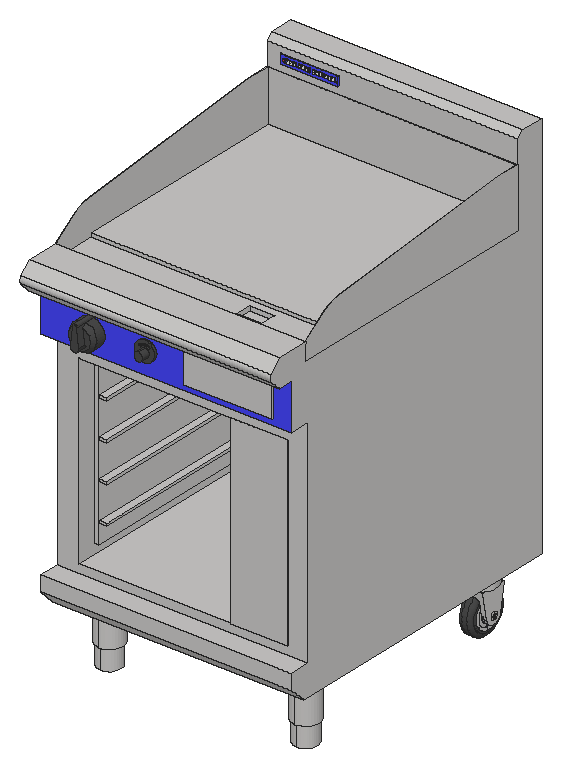
Revit family "QF_MOFFAT_BLUESEAL_CE_GP514-CB", category Specialty Equipment, Revit 2012
Parameters
  Weight in Pounds = 293  # constant formula
  Width [instance] = 600.00 mm
  URL Cutsheet = "www.moffat.com"
  URL = "www.moffat.com"
  Type Mark [instance] = ""
  Status [instance] = ""
  Specification by User [instance] = ""
  Specification by Manufacturer = ""
  Show Logo [instance] = yes
  Show Casters [instance] = yes
  Serial Number = ""
  Seismic Rating = ""
  SMACNA No = ""
  Revision Code [instance] = ""
  Omniclass Number and Title = ""
  NAFEM Spec ID Number = ""
  Model = "GP514-CB"
  Mechanical Remarks = ""
  Mechanical Connection Type = ""
  Masterspec = ""
  Manufacturer = "MOFFAT BLUESEAL"
  Legs [instance] = not(Show Casters)  # no
  Item Number [instance] = ""
  Installed By [instance] = ""
  Identify Quantity as Lot [instance] = yes
  Height = 1085.00 mm  # constant formula
  Gas Size = 3/4"
  Gas RI Height [instance] = 0.00 mm
  Gas KW = 14.5
  Gas Input = 49300.0 Btu/h
  Gas Connection Height = 0.00 mm
  Furnished By [instance] = ""
  Foodservice Equipment Identifier [instance] = yes
  Description = "600MM GAS GRIDDLE PLATE ON CABINET BASE"
  Depth [instance] = 812.00 mm  # constant formula
  CSI MasterFormat = ""
  CSI Master Format = ""
  Back Splash [instance] = 215.00 mm  # constant formula
Reference planes
  plane 1 "BACK": y = 0
  plane 2: z = 0
  plane 3 "LEFT": x = 0
  plane 4 "RIGHT": x = 600
  plane 5 "FRONT": y = -812
  plane 6 "TOP": z = 970
  plane 7 "Center Y": x = 300
  plane 8 "Center X": y = -406
  plane 9 "Base Height": z = 150
  plane 10: z = 915
  plane 11: x = 65
  plane 12: y = -625
  plane 13: y = -100
  plane 14: z = 655
  plane 15: y = -32
  plane 16: z = 1085
  plane 17: x = 535
Forms (mm)
  Extrusion 1, solid, material "QF_Finishes_Stainless Steel"
    sketch origin (0, 0, 0) x (0, 1, 0) y (0, 0, 1)
      loop
        line (-100, 150) -> (0, 150) -> (0, 1085) -> (-57.5, 1085) -> (-70, 1072.5) -> (-70, 875) -> (-705, 875) -> (-705, 915) -> (-783.97, 915) -> (-808.485, 890.485)
        arc (-808.485, 890.485) -> (-811.999, 882) -> (-808.485, 873.515) r 12
        line (-808.485, 873.515) -> (-784.97, 850) -> (-749, 850) -> (-749, 740) -> (-100, 740) -> (-100, 150)
      loop
        line (-749, 186) -> (-713, 150) -> (-699, 150) -> (-699, 222.5) -> (-749, 222.5) -> (-749, 186)
    from 0 to 600
  Revolve 2, solid, material "QF_Finishes_Stainless Steel", visible <- "Legs"
    sketch origin (533.871, -210, 0) x (0, 1, 0) y (0, 0, -1)
      loop
        line (78.25, -150) -> (110, -150) -> (110, 0) -> (82.5, 0) -> (82.5, -50) -> (78.25, -50) -> (78.25, -150)
      axis (110, -150) -> (110, 0)
    angle from 0 to 360
  Revolve 3, solid, material "QF_Finishes_Stainless Steel"
    sketch origin (535, -735, 0) x (0, 1, 0) y (0, 0, -1)
      loop
        line (78.25, -150) -> (110, -150) -> (110, 0) -> (82.5, 0) -> (82.5, -50) -> (78.25, -50) -> (78.25, -150)
      axis (110, -150) -> (110, 0)
    angle from 0 to 360
  Revolve 4, solid, material "QF_Finishes_Stainless Steel", visible <- "Legs"
    sketch origin (65, -210, 0) x (0, 1, 0) y (0, 0, -1)
      loop
        line (78.25, -150) -> (110, -150) -> (110, 0) -> (82.5, 0) -> (82.5, -50) -> (78.25, -50) -> (78.25, -150)
      axis (110, -150) -> (110, 0)
    angle from 0 to 360
  Revolve 5, solid, material "QF_Finishes_Stainless Steel"
    sketch origin (65, -735, 0) x (0, 1, 0) y (0, 0, -1)
      loop
        line (78.25, -150) -> (110, -150) -> (110, 0) -> (82.5, 0) -> (82.5, -50) -> (78.25, -50) -> (78.25, -150)
      axis (110, -150) -> (110, 0)
    angle from 0 to 360
  Revolve 6, solid, material "QF_Finishes_Black"
    sketch origin (127.677, 7, 597.816) x (0, 1, 0) y (0, 0, -1)
      loop
        line (-789, -229.5) -> (-766, -229.5) -> (-766, -202) -> (-756, -202) -> (-756, -197) -> (-800, -197) -> (-800, -223.651) -> (-789, -229.5)
      axis (-800, -197) -> (-756, -197)
    angle from 0 to 360
  Extrusion 7, solid, material "QF_Finishes_Black"
    sketch origin (265.947, 0, 597.973) x (-1, 0, 0) y (0, 0, -1)
      loop
        line (143.2, -228.94) -> (148.689, -184.854)
        arc (148.689, -184.854) -> (137.617, -174.355) -> (127.782, -186.021) r 10.487
        line (127.782, -186.021) -> (133.203, -228.94)
        arc (133.203, -228.94) -> (138.201, -233.827) -> (143.2, -228.94) r 5
    from 759 to 808
  Extrusion 8, solid, material "QF_Finishes_Stainless Steel"
    sketch origin (-150, -699, 685) x (1, 0, 0) y (0, -1, 0)
      loop
        circle (620, -668) r 9.525
    from -55 to 30
  Extrusion 9, solid, material "QF_Finishes_Stainless Steel"
    sketch origin (0, -100, 685) x (0, 0, 1) y (-1, 0, 0)
      loop
        line (-535, 0) -> (-535, -600) -> (55, -600) -> (55, 0) -> (-535, 0)
      loop
        line (0, -50) -> (-442.5, -50) -> (-442.5, -550) -> (0, -550) -> (0, -50)
    from 0 to 599
  Extrusion 10, solid, material "QF_Finishes_Stainless Steel"
    sketch origin (0, -100, 685) x (0, 0, 1) y (-1, 0, 0)
      loop
        line (-280.675, -61.8) -> (-280.675, -80.8) -> (-274.325, -80.8) -> (-274.325, -61.8) -> (-280.675, -61.8)
      loop
        line (-184.325, -80.8) -> (-184.325, -61.8) -> (-190.675, -61.8) -> (-190.675, -80.8) -> (-184.325, -80.8)
      loop
        line (-370.675, -61.8) -> (-370.675, -80.8) -> (-364.325, -80.8) -> (-364.325, -61.8) -> (-370.675, -61.8)
      loop
        line (-94.325, -80.8) -> (-94.325, -61.8) -> (-100.675, -61.8) -> (-100.675, -80.8) -> (-94.325, -80.8)
      loop
        line (-280.675, -403.2) -> (-274.325, -403.2) -> (-274.325, -384.2) -> (-280.675, -384.2) -> (-280.675, -403.2)
      loop
        line (-184.325, -384.2) -> (-190.675, -384.2) -> (-190.675, -403.2) -> (-184.325, -403.2) -> (-184.325, -384.2)
      loop
        line (-370.675, -403.2) -> (-364.325, -403.2) -> (-364.325, -384.2) -> (-370.675, -384.2) -> (-370.675, -403.2)
      loop
        line (-94.325, -384.2) -> (-100.675, -384.2) -> (-100.675, -403.2) -> (-94.325, -403.2) -> (-94.325, -384.2)
    from 0 to 554
  Extrusion 11, void
    sketch origin (-150, 0, 150) x (-1, 0, 0) y (0, -1, 0)
      loop
        line (-685.614, 87.26) -> (-685.614, -30.24) -> (-481.114, -30.24) -> (-481.114, 38.76) -> (-529.614, 87.26) -> (-685.614, 87.26)
    from 72.5 to 590
  Revolve 12, solid, material "QF_Finishes_Stainless Steel", visible <- "Legs"
    sketch origin (65, -165, 0) x (0, 1, 0) y (0, 0, 1)
      loop
        line (34.25, 150) -> (34.25, 50) -> (38.5, 50) -> (38.5, 0) -> (66, 0) -> (66, 150) -> (34.25, 150)
      axis (66, 150) -> (66, 0)
    angle from 0 to 360
  Revolve 13, solid, material "QF_Finishes_Stainless Steel", visible <- "Legs"
    sketch origin (534.871, -165, 0) x (0, 1, 0) y (0, 0, -1)
      loop
        line (34.25, -150) -> (66, -150) -> (66, 0) -> (38.5, 0) -> (38.5, -50) -> (34.25, -50) -> (34.25, -150)
      axis (66, -150) -> (66, 0)
    angle from 0 to 360
  Revolve 14, solid, material "QF_Finishes_Stainless Steel", visible <- "Show Casters"
    sketch origin (15.776, -99.755, -13.653) x (1, 0, 0) y (0, 0, 1)
      loop
        line (14.841, 63.604) -> (83.584, 63.604) -> (83.584, 67.109) -> (82.314, 68.379) -> (80.79, 68.379) -> (80.79, 71.826) -> (68.644, 71.826) -> (68.644, 81.79) -> (65.088, 83.843) -> (63.738, 92.179) -> (65.881, 92.179) -> (65.881, 98.529) -> (65.088, 98.529) -> (65.088, 104.879)
        arc (65.088, 104.879) -> (62.298, 111.614) -> (55.563, 114.404) r 9.525
        line (55.563, 114.404) -> (42.863, 114.404)
        arc (42.863, 114.404) -> (36.127, 111.614) -> (33.338, 104.879) r 9.525
        line (33.338, 104.879) -> (33.338, 98.529) -> (32.544, 98.529) -> (32.544, 92.179) -> (34.687, 92.179) -> (33.352, 83.932) -> (29.782, 81.871) -> (29.782, 71.826) -> (17.635, 71.826) -> (17.635, 68.379) -> (16.111, 68.379) -> (14.841, 67.109) -> (14.841, 63.604)
      axis (14.841, 63.604) -> (83.584, 63.604)
    angle from 0 to 360
  Extrusion 15, solid, material "QF_Finishes_Stainless Steel", visible <- "Show Casters"
    sketch origin (71.501, 133.353, -8.783) x (0, 1, 0) y (0, 0, 1)
      loop
        line (-200.603, 118.783) -> (-264.103, 118.783) -> (-251.746, 53.895)
        arc (-251.746, 53.895) -> (-232.353, 38.783) -> (-212.959, 53.895) r 20
        line (-212.959, 53.895) -> (-200.603, 118.783)
    from -35.667 to 22.923
  Revolve 16, solid, material "QF_Finishes_Stainless Steel", visible <- "Show Casters"
    sketch origin (65, -203, 0) x (0, 1, 0) y (0, 0, 1)
      loop
        line (68.25, 150) -> (68.25, 110) -> (104, 110) -> (104, 150) -> (68.25, 150)
      axis (104, 150) -> (104, 110)
    angle from 0 to 360
  Revolve 17, solid, material "QF_Finishes_Stainless Steel", visible <- "Legs"
    sketch origin (65, -165, 0) x (0, 1, 0) y (0, 0, 1)
      loop
        line (34.25, 150) -> (34.25, 50) -> (38.5, 50) -> (38.5, 0) -> (66, 0) -> (66, 150) -> (34.25, 150)
      axis (66, 150) -> (66, 0)
    angle from 0 to 360
  Revolve 18, solid, material "QF_Finishes_Stainless Steel", visible <- "Show Casters"
    sketch origin (335.648, -99.755, -13.653) x (1, 0, 0) y (0, 0, 1)
      loop
        line (164.841, 63.604) -> (233.584, 63.604) -> (233.584, 67.109) -> (232.314, 68.379) -> (230.79, 68.379) -> (230.79, 71.826) -> (218.644, 71.826) -> (218.644, 81.79) -> (215.088, 83.843) -> (213.738, 92.179) -> (215.881, 92.179) -> (215.881, 98.529) -> (215.088, 98.529) -> (215.088, 104.879)
        arc (215.088, 104.879) -> (212.298, 111.614) -> (205.563, 114.404) r 9.525
        line (205.563, 114.404) -> (192.863, 114.404)
        arc (192.863, 114.404) -> (186.127, 111.614) -> (183.338, 104.879) r 9.525
        line (183.338, 104.879) -> (183.338, 98.529) -> (182.544, 98.529) -> (182.544, 92.179) -> (184.687, 92.179) -> (183.352, 83.932) -> (179.782, 81.871) -> (179.782, 71.826) -> (167.635, 71.826) -> (167.635, 68.379) -> (166.111, 68.379) -> (164.841, 67.109) -> (164.841, 63.604)
      axis (233.584, 63.604) -> (164.841, 63.604)
    angle from 0 to 360
  Extrusion 19, solid, material "QF_Finishes_Stainless Steel", visible <- "Show Casters"
    sketch origin (541.372, 133.353, -8.783) x (0, 1, 0) y (0, 0, 1)
      loop
        line (-200.603, 118.783) -> (-264.103, 118.783) -> (-251.746, 53.895)
        arc (-251.746, 53.895) -> (-232.353, 38.783) -> (-212.959, 53.895) r 20
        line (-212.959, 53.895) -> (-200.603, 118.783)
    from -35.667 to 22.923
  Revolve 20, solid, material "QF_Finishes_Stainless Steel", visible <- "Show Casters"
    sketch origin (534.871, -203, 0) x (0, 1, 0) y (0, 0, 1)
      loop
        line (68.25, 150) -> (68.25, 110) -> (104, 110) -> (104, 150) -> (68.25, 150)
      axis (104, 150) -> (104, 110)
    angle from 0 to 360
  Extrusion 21, solid, material "QF_Finishes_Stainless Steel"
    sketch origin (0, 0, 0) x (1, 0, 0) y (0, 0, 1)
      loop
        line (61.8, 657.5) -> (50, 657.5) -> (50, 267.5) -> (61.8, 267.5) -> (61.8, 657.5)
      loop
        line (403.2, 657.5) -> (403.2, 267.5) -> (415, 267.5) -> (415, 657.5) -> (403.2, 657.5)
    from 0 to 654
  Extrusion 22, solid, material "QF_Finishes_Black"
    sketch origin (-57.5, -749, 864.021) x (0, 0, -1) y (1, 0, 0)
      loop
        circle (70, 310) r 24
      loop
        arc (60.1, 324.913) -> (52.064, 310.125) -> (59.882, 295.219) r 17.868
        arc (59.882, 295.219) -> (60.362, 294.934) -> (60.877, 295.149) r 0.621
        arc (60.877, 295.149) -> (62.314, 297.708) -> (62.658, 300.622) r 7.495
        arc (62.658, 300.622) -> (62.454, 301.55) -> (62.006, 302.388) r 3.472
        arc (62.006, 302.388) -> (59.714, 309.851) -> (61.844, 317.362) r 13.786
        arc (61.844, 317.362) -> (62.484, 318.632) -> (62.749, 320.028) r 5.101
        arc (62.749, 320.028) -> (62.378, 322.547) -> (61.084, 324.739) r 6.611
        arc (61.084, 324.739) -> (60.622, 324.997) -> (60.1, 324.913) r 0.806
    from 0 to 5
  Extrusion 23, solid, material "QF_Finishes_Black"
    sketch origin (-57.5, -754, 864.021) x (0, 0, -1) y (1, 0, 0)
      loop
        circle (73.5, 310) r 10
    from 0 to 18.251
  Extrusion 24, solid, material "QF_Finishes_Stainless Steel"
    sketch origin (450, -749, 867.771) x (0, 0, -1) y (1, 0, 0)
      loop
        line (26.5, -105) -> (113.5, -105) -> (113.5, 105) -> (26.5, 105) -> (26.5, -105)
    from 0 to 2.5
  Extrusion 25, solid, material "QF_Finishes_Stainless Steel"
    sketch origin (450, 0, 1.771) x (0, -1, 0) y (0, 0, 1)
      loop
        line (751.5, 839.5) -> (751.5, 837) -> (769.695, 837) -> (769.695, 839.5) -> (751.5, 839.5)
    from -105 to 105
  Extrusion 26, solid, material "QF_Finishes_Stainless Steel"
    sketch origin (0, -749, 850) x (0, 0, -1) y (1, 0, 0)
      loop
        line (607.5, 550) -> (165, 550) -> (165, 414.5) -> (607.5, 414.5) -> (607.5, 550)
    from -50 to -649
Cuts and joins
  Extrusion 11 cuts Extrusion 1
  joined: Extrusion 1, Extrusion 9
Lines and regions (mm)
  Split face 1
    outline origin (600, 0, 1085) x (-1, 0, 0) y (0, -1, 0)
      loop
        arc (335.206, 45.385) -> (326.545, 40.385) -> (326.545, 30.385) r 10
        line (326.545, 30.385) -> (330.587, 23.385)
        arc (330.587, 23.385) -> (334.247, 19.725) -> (339.247, 18.385) r 10
        line (339.247, 18.385) -> (567.206, 18.385)
        arc (567.206, 18.385) -> (575.866, 23.385) -> (575.866, 33.385) r 10
        line (575.866, 33.385) -> (571.824, 40.385)
        arc (571.824, 40.385) -> (568.164, 44.045) -> (563.164, 45.385) r 10
        line (563.164, 45.385) -> (335.206, 45.385)
  Split face 2
    outline origin (600, 0, 1085) x (-1, 0, 0) y (0, -1, 0)
      loop
        arc (35.206, 45.385) -> (26.545, 40.385) -> (26.545, 30.385) r 10
        line (26.545, 30.385) -> (30.587, 23.385)
        arc (30.587, 23.385) -> (34.247, 19.725) -> (39.247, 18.385) r 10
        line (39.247, 18.385) -> (267.206, 18.385)
        arc (267.206, 18.385) -> (275.866, 23.385) -> (275.866, 33.385) r 10
        line (275.866, 33.385) -> (271.824, 40.385)
        arc (271.824, 40.385) -> (268.164, 44.045) -> (263.164, 45.385) r 10
        line (263.164, 45.385) -> (35.206, 45.385)
  symbolic lines
    curve 1: line (0, 0, 0) -> (0, -812, 0)
    curve 2: line (600, 0, 0) -> (0, 0, 0)
    curve 3: line (600, -812, 0) -> (600, 0, 0)
    curve 4: line (0, -812, 0) -> (600, -812, 0)
    curve 9: line (0, -57.5, 150) -> (600, -57.5, 150)
    curve 10: line (0, -70, 150) -> (600, -70, 150)
    curve 11: line (0, -783.97, 150) -> (600, -783.97, 150)
    curve 12: line (260.753, -18.385, 150) -> (32.794, -18.385, 150)
    curve 13: arc (32.794, -18.385, 150) -> (24.134, -23.385, 150) -> (24.134, -33.385, 150) r 10
    curve 14: line (24.134, -33.385, 150) -> (28.176, -40.385, 150)
    curve 15: arc (28.176, -40.385, 150) -> (31.836, -44.045, 150) -> (36.836, -45.385, 150) r 10
    curve 16: line (36.836, -45.385, 150) -> (264.794, -45.385, 150)
    curve 17: arc (264.794, -45.385, 150) -> (273.455, -40.385, 150) -> (273.455, -30.385, 150) r 10
    curve 18: line (273.455, -30.385, 150) -> (269.413, -23.385, 150)
    curve 19: arc (269.413, -23.385, 150) -> (265.753, -19.725, 150) -> (260.753, -18.385, 150) r 10
    curve 20: line (560.753, -18.385, 150) -> (332.794, -18.385, 150)
    curve 21: arc (332.794, -18.385, 150) -> (324.134, -23.385, 150) -> (324.134, -33.385, 150) r 10
    curve 22: line (324.134, -33.385, 150) -> (328.176, -40.385, 150)
    curve 23: arc (328.176, -40.385, 150) -> (331.836, -44.045, 150) -> (336.836, -45.385, 150) r 10
    curve 24: line (336.836, -45.385, 150) -> (564.794, -45.385, 150)
    curve 25: arc (564.794, -45.385, 150) -> (573.455, -40.385, 150) -> (573.455, -30.385, 150) r 10
    curve 26: line (573.455, -30.385, 150) -> (569.413, -23.385, 150)
    curve 27: arc (569.413, -23.385, 150) -> (565.753, -19.725, 150) -> (560.753, -18.385, 150) r 10
  symbolic lines, style "SpecialityEquipmentHiddenLines", visible <- "Show Casters"
    curve 5: line (78.456, -46.735, 0) -> (105.952, -62.61, 0)
    curve 6: line (27.656, -134.723, 0) -> (78.456, -46.735, 0)
    curve 7: line (55.152, -150.598, 0) -> (27.656, -134.723, 0)
    curve 8: line (105.952, -62.61, 0) -> (55.152, -150.598, 0)
Dimensions and locks
  equal spacing: plane 3 "LEFT", plane 7 "Center Y", plane 4 "RIGHT"
  "Width": plane 3 "LEFT" to plane 4 "RIGHT"
  equal spacing: plane 5 "FRONT", plane 8 "Center X", plane 1 "BACK"
  "Depth": plane 5 "FRONT" to plane 1 "BACK"
  locked: plane 10 to level at 915
  locked: plane 9 "Base Height" to level at 150
  plane 6 "TOP" to plane 10 = 55.00 mm
  plane 12 to plane 13 = 525.00 mm
  plane 14 to level = 655.00 mm
  plane 15 to plane 1 "BACK" = 32.00 mm
  "Height": plane 16 to plane 2
  Revolve 14 sketch curve to Revolve 14 sketch curve = 50.80 mm
  Revolve 18 sketch curve to Revolve 18 sketch curve = 50.80 mm
  Extrusion 8 sketch curve to plane 1 "BACK" = 31.00 mm
  aligned and locked: level to plane 2
Automatic sketch dimensions
  Extrusion 1 sketch curve to plane 10 = 0.00 mm
  Extrusion 1 sketch curve to plane 9 "Base Height" = 0.00 mm  (x2)
  Extrusion 1 sketch curve to plane 13 = 0.00 mm
  Extrusion 1 sketch curve to plane 16 = 0.00 mm
  Extrusion 1 sketch curve to plane 1 "BACK" = 0.00 mm
  Extrusion 1 sketch curve to plane 12 = 74.00 mm
  Extrusion 1 sketch curve to plane 10 = 40.00 mm
  Extrusion 1 sketch curve to plane 12 = 80.00 mm
  Extrusion 1 sketch curve to Extrusion 1 sketch curve = 14.00 mm
  Extrusion 1 sketch curve to Extrusion 1 sketch curve = 36.00 mm
  Extrusion 1 sketch curve to plane 5 "FRONT" = 63.00 mm
  Extrusion 1 sketch curve to plane 5 "FRONT" = 28.03 mm
  Extrusion 1 sketch curve to plane 5 "FRONT" = 27.03 mm
  Extrusion 1 sketch curve to plane 5 "FRONT" = 12.001 mm
  Extrusion 1 sketch curve to plane 5 "FRONT" = 3.515 mm  (x2)
  plane 13 to Extrusion 1 sketch curve = 30.00 mm
  Extrusion 1 sketch curve to Extrusion 1 sketch curve = 12.50 mm
  plane 9 "Base Height" to Extrusion 1 sketch curve = 36.00 mm
  Extrusion 1 sketch curve to Extrusion 1 sketch curve = 36.50 mm
  plane 14 to Extrusion 1 sketch curve = 85.00 mm
  Extrusion 1 sketch curve to Extrusion 1 sketch curve = 25.00 mm
  Extrusion 1 sketch curve to Extrusion 1 sketch curve = 23.515 mm
  Extrusion 1 sketch curve to Extrusion 1 sketch curve = 8.485 mm
  Extrusion 1 sketch curve to plane 16 = 12.50 mm
  Revolve 2 sketch curve to plane 9 "Base Height" = 0.00 mm
  Revolve 2 sketch curve to level = 0.00 mm
  Revolve 2 sketch curve to plane 13 = 0.00 mm  (x2)
  Revolve 2 sketch curve to plane 13 = 27.50 mm
  Revolve 2 sketch curve to plane 13 = 31.75 mm
  level to Revolve 2 sketch curve = 50.00 mm
  Revolve 2 sketch curve to Revolve 2 sketch curve = 0.00 mm
  Revolve 2 sketch curve to Revolve 2 sketch curve = 55.00 mm
  Revolve 3 sketch curve to plane 9 "Base Height" = 0.00 mm
  Revolve 3 sketch curve to level = 0.00 mm
  Revolve 3 sketch curve to plane 12 = 0.00 mm  (x2)
  Revolve 3 sketch curve to plane 12 = 27.50 mm
  Revolve 3 sketch curve to plane 12 = 31.75 mm
  level to Revolve 3 sketch curve = 50.00 mm
  Revolve 3 sketch curve to Revolve 3 sketch curve = 0.00 mm
  Revolve 3 sketch curve to Revolve 3 sketch curve = 55.00 mm
  Revolve 4 sketch curve to plane 9 "Base Height" = 0.00 mm
  Revolve 4 sketch curve to level = 0.00 mm
  Revolve 4 sketch curve to plane 13 = 0.00 mm  (x2)
  Revolve 4 sketch curve to plane 13 = 27.50 mm
  Revolve 4 sketch curve to plane 13 = 31.75 mm
  level to Revolve 4 sketch curve = 50.00 mm
  Revolve 4 sketch curve to Revolve 4 sketch curve = 0.00 mm
  Revolve 4 sketch curve to Revolve 4 sketch curve = 55.00 mm
  Revolve 5 sketch curve to plane 9 "Base Height" = 0.00 mm
  Revolve 5 sketch curve to level = 0.00 mm
  Revolve 5 sketch curve to plane 12 = 0.00 mm  (x2)
  Revolve 5 sketch curve to plane 12 = 27.50 mm
  Revolve 5 sketch curve to plane 12 = 31.75 mm
  level to Revolve 5 sketch curve = 50.00 mm
  Revolve 5 sketch curve to Revolve 5 sketch curve = 0.00 mm
  Revolve 5 sketch curve to Revolve 5 sketch curve = 55.00 mm
  Revolve 6 sketch curve to plane 5 "FRONT" = 19.00 mm
  Revolve 6 sketch curve to Revolve 6 sketch curve = 0.00 mm  (x2)
  Revolve 6 sketch curve to Revolve 6 sketch curve = 11.00 mm
  Revolve 6 sketch curve to Revolve 6 sketch curve = 12.70 mm
  Revolve 6 sketch curve to Revolve 6 sketch curve = 23.00 mm
  Revolve 6 sketch curve to Revolve 6 sketch curve = 10.00 mm
  Revolve 6 sketch curve to plane 10 = 87.684 mm
  Revolve 6 sketch curve to Revolve 6 sketch curve = 5.849 mm
  Revolve 6 sketch curve to Revolve 6 sketch curve = 27.50 mm
  Revolve 6 sketch curve to Revolve 6 sketch curve = 5.00 mm
  plane 11 to Extrusion 7 sketch curve = 73.165 mm
  Extrusion 7 sketch curve to Extrusion 7 sketch curve = 5.421 mm
  Extrusion 7 sketch curve to Extrusion 7 sketch curve = 4.999 mm  (x2)
  Extrusion 7 sketch curve to Extrusion 7 sketch curve = 10.419 mm
  Extrusion 7 sketch curve to Extrusion 7 sketch curve = 10.487 mm
  Extrusion 7 sketch curve to plane 10 = 88.087 mm
  Extrusion 7 sketch curve to Extrusion 7 sketch curve = 0.113 mm
  Extrusion 7 sketch curve to Extrusion 7 sketch curve = 42.919 mm
  Extrusion 7 sketch curve to Extrusion 7 sketch curve = 1.167 mm
  Extrusion 11 sketch curve to plane 15 = 6.76 mm
  Extrusion 11 sketch curve to plane 1 "BACK" = 30.24 mm
  plane 13 to Extrusion 11 sketch curve = 12.74 mm
  Revolve 12 sketch curve to plane 9 "Base Height" = 0.00 mm
  Revolve 12 sketch curve to level = 0.00 mm
  Revolve 12 sketch curve to plane 13 = 30.75 mm
  Revolve 12 sketch curve to plane 13 = 26.50 mm
  plane 13 to Revolve 12 sketch curve = 1.00 mm  (x2)
  Revolve 12 sketch curve to Revolve 12 sketch curve = 55.00 mm
  level to Revolve 12 sketch curve = 50.00 mm
  Revolve 12 sketch curve to Revolve 12 sketch curve = 0.00 mm
  Revolve 13 sketch curve to plane 9 "Base Height" = 0.00 mm
  Revolve 13 sketch curve to level = 0.00 mm
  Revolve 13 sketch curve to plane 13 = 30.75 mm
  Revolve 13 sketch curve to plane 13 = 26.50 mm
  plane 13 to Revolve 13 sketch curve = 1.00 mm  (x2)
  level to Revolve 13 sketch curve = 50.00 mm
  Revolve 13 sketch curve to Revolve 13 sketch curve = 0.00 mm
  Revolve 13 sketch curve to Revolve 13 sketch curve = 55.00 mm
  plane 3 "LEFT" to Revolve 14 sketch curve = 30.618 mm
  Revolve 14 sketch curve to Revolve 14 sketch curve = 1.27 mm  (x4)
  Revolve 14 sketch curve to Revolve 14 sketch curve = 1.524 mm  (x2)
  Revolve 14 sketch curve to Revolve 14 sketch curve = 12.146 mm  (x2)
  Revolve 14 sketch curve to plane 11 = 16.68 mm
  Revolve 14 sketch curve to Revolve 14 sketch curve = 0.794 mm  (x2)
  Revolve 14 sketch curve to Revolve 14 sketch curve = 3.57 mm
  Revolve 14 sketch curve to Revolve 14 sketch curve = 2.143 mm
  Revolve 14 sketch curve to plane 11 = 6.361 mm
  plane 11 to Revolve 14 sketch curve = 5.13 mm
  plane 11 to Revolve 14 sketch curve = 6.339 mm
  plane 11 to Revolve 14 sketch curve = 14.515 mm
  Revolve 14 sketch curve to Revolve 14 sketch curve = 1.349 mm  (x2)
  Revolve 14 sketch curve to Revolve 14 sketch curve = 3.556 mm
  Revolve 14 sketch curve to Revolve 14 sketch curve = 33.32 mm
  level to Revolve 14 sketch curve = 49.952 mm
  Revolve 14 sketch curve to Revolve 14 sketch curve = 0.00 mm
  Revolve 14 sketch curve to Revolve 14 sketch curve = 3.505 mm  (x2)
  Revolve 14 sketch curve to Revolve 14 sketch curve = 3.447 mm  (x2)
  Revolve 14 sketch curve to Revolve 14 sketch curve = 9.964 mm
  Revolve 14 sketch curve to Revolve 14 sketch curve = 10.045 mm
  Revolve 14 sketch curve to Revolve 14 sketch curve = 2.053 mm
  Revolve 14 sketch curve to Revolve 14 sketch curve = 2.061 mm
  Revolve 14 sketch curve to Revolve 14 sketch curve = 8.247 mm
  Revolve 14 sketch curve to Revolve 14 sketch curve = 8.336 mm
  Revolve 14 sketch curve to Revolve 14 sketch curve = 6.35 mm  (x2)
  Extrusion 15 sketch curve to plane 13 = 30.75 mm
  Extrusion 15 sketch curve to plane 13 = 18.393 mm
  plane 13 to Extrusion 15 sketch curve = 1.00 mm
  Extrusion 15 sketch curve to Extrusion 15 sketch curve = 19.393 mm
  plane 13 to Extrusion 15 sketch curve = 32.75 mm
  level to Extrusion 15 sketch curve = 45.111 mm
  Extrusion 15 sketch curve to Extrusion 15 sketch curve = 4.889 mm
  Extrusion 15 sketch curve to plane 9 "Base Height" = 40.00 mm
  Revolve 16 sketch curve to plane 9 "Base Height" = 0.00 mm
  Revolve 16 sketch curve to plane 13 = 34.75 mm
  plane 13 to Revolve 16 sketch curve = 1.00 mm  (x2)
  Revolve 16 sketch curve to plane 9 "Base Height" = 40.00 mm
  level to Revolve 16 sketch curve = 50.00 mm
  Revolve 16 sketch curve to level = 55.00 mm
  Revolve 17 sketch curve to plane 9 "Base Height" = 0.00 mm
  Revolve 17 sketch curve to level = 0.00 mm
  Revolve 17 sketch curve to plane 13 = 30.75 mm
  Revolve 17 sketch curve to plane 13 = 26.50 mm
  plane 13 to Revolve 17 sketch curve = 1.00 mm  (x2)
  Revolve 17 sketch curve to Revolve 17 sketch curve = 55.00 mm
  level to Revolve 17 sketch curve = 50.00 mm
  Revolve 17 sketch curve to Revolve 17 sketch curve = 0.00 mm
  Revolve 18 sketch curve to Revolve 18 sketch curve = 1.27 mm  (x4)
  Revolve 18 sketch curve to Revolve 18 sketch curve = 1.524 mm  (x2)
  Revolve 18 sketch curve to Revolve 18 sketch curve = 12.146 mm  (x2)
  Revolve 18 sketch curve to Revolve 18 sketch curve = 0.794 mm  (x2)
  Revolve 18 sketch curve to Revolve 18 sketch curve = 3.57 mm
  Revolve 18 sketch curve to Revolve 18 sketch curve = 2.143 mm
  Revolve 18 sketch curve to Revolve 18 sketch curve = 8.176 mm
  Revolve 18 sketch curve to Revolve 18 sketch curve = 1.349 mm  (x2)
  Revolve 18 sketch curve to Revolve 18 sketch curve = 3.556 mm
  plane 4 "RIGHT" to Revolve 18 sketch curve = 147.449 mm
  level to Revolve 18 sketch curve = 49.952 mm
  Revolve 18 sketch curve to Revolve 18 sketch curve = 0.00 mm
  Revolve 18 sketch curve to Revolve 18 sketch curve = 3.505 mm  (x2)
  Revolve 18 sketch curve to Revolve 18 sketch curve = 3.447 mm  (x2)
  Revolve 18 sketch curve to Revolve 18 sketch curve = 9.964 mm
  Revolve 18 sketch curve to Revolve 18 sketch curve = 10.045 mm
  Revolve 18 sketch curve to Revolve 18 sketch curve = 2.053 mm
  Revolve 18 sketch curve to Revolve 18 sketch curve = 2.061 mm
  Revolve 18 sketch curve to Revolve 18 sketch curve = 8.247 mm
  Revolve 18 sketch curve to Revolve 18 sketch curve = 8.336 mm
  Revolve 18 sketch curve to Revolve 18 sketch curve = 6.35 mm  (x2)
  Extrusion 19 sketch curve to plane 13 = 30.75 mm
  Extrusion 19 sketch curve to plane 13 = 18.393 mm
  plane 13 to Extrusion 19 sketch curve = 1.00 mm
  Extrusion 19 sketch curve to Extrusion 19 sketch curve = 19.393 mm
  plane 13 to Extrusion 19 sketch curve = 32.75 mm
  level to Extrusion 19 sketch curve = 45.111 mm
  Extrusion 19 sketch curve to Extrusion 19 sketch curve = 4.889 mm
  Extrusion 19 sketch curve to plane 9 "Base Height" = 40.00 mm
  Revolve 20 sketch curve to plane 9 "Base Height" = 0.00 mm
  Revolve 20 sketch curve to plane 13 = 34.75 mm
  plane 13 to Revolve 20 sketch curve = 1.00 mm  (x2)
  Revolve 20 sketch curve to plane 9 "Base Height" = 40.00 mm
  level to Revolve 20 sketch curve = 50.00 mm
  Revolve 20 sketch curve to level = 55.00 mm
  curve 9 to plane 4 "RIGHT" = 0.00 mm
  curve 10 to plane 4 "RIGHT" = 0.00 mm
  curve 11 to plane 4 "RIGHT" = 0.00 mm
  curve 10 to plane 3 "LEFT" = 0.00 mm
  curve 9 to plane 3 "LEFT" = 0.00 mm
  curve 11 to plane 3 "LEFT" = 0.00 mm
  curve 9 to plane 15 = 25.50 mm
  curve 9 to curve 10 = 12.50 mm
  curve 11 to plane 5 "FRONT" = 28.03 mm
  Revolve 18 sketch curve to Revolve 18 sketch curve = 0.808 mm
  Revolve 18 sketch curve to Revolve 18 sketch curve = 9.525 mm
  Revolve 18 sketch curve to Revolve 18 sketch curve = 24.572 mm
  Revolve 18 sketch curve to Revolve 18 sketch curve = 12.70 mm
  curve 1 to plane 3 "LEFT" = 0.00 mm
  plane 1 "BACK" to curve 2 = 0.00 mm
  curve 2 to plane 4 "RIGHT" = 0.00 mm
  plane 5 "FRONT" to curve 1 = 0.00 mm
  plane 3 "LEFT" to curve 6 = 27.656 mm
  curve 7 to plane 11 = 9.848 mm
  plane 11 to curve 6 = 13.456 mm
  curve 8 to plane 13 = 50.598 mm
  curve 7 to curve 6 = 15.875 mm
  plane 4 "RIGHT" to Extrusion 8 sketch curve = 130.00 mm
  plane 4 "RIGHT" to Extrusion 11 sketch curve = 64.386 mm
  plane 7 "Center Y" to Extrusion 11 sketch curve = 79.614 mm
  plane 7 "Center Y" to Extrusion 11 sketch curve = 31.114 mm
  Revolve 18 sketch curve to Revolve 18 sketch curve = 47.937 mm
  plane 14 to Extrusion 21 sketch curve = 2.50 mm  (x2)
  Extrusion 21 sketch curve to plane 11 = 15.00 mm
  Extrusion 21 sketch curve to plane 11 = 3.20 mm
  plane 17 to Extrusion 21 sketch curve = 131.80 mm
  Extrusion 21 sketch curve to Extrusion 21 sketch curve = 11.80 mm
  plane 9 "Base Height" to Extrusion 21 sketch curve = 117.50 mm  (x2)
  Extrusion 1 to Extrusion 10 sketch curve = 61.80 mm
  Extrusion 1 to Extrusion 10 sketch curve = 164.325 mm  (x2)
  Extrusion 1 to Extrusion 10 sketch curve = 196.80 mm  (x4)
  Extrusion 10 sketch curve to Extrusion 10 sketch curve = 6.35 mm  (x8)
  Extrusion 10 sketch curve to Extrusion 10 sketch curve = 83.65 mm  (x6)
  Extrusion 10 sketch curve to Extrusion 10 sketch curve = 19.00 mm  (x8)
  Extrusion 1 to Extrusion 10 sketch curve = 80.80 mm
  Extrusion 10 sketch curve to Extrusion 10 sketch curve = 0.00 mm  (x2)
  Extrusion 22 sketch curve to plane 7 "Center Y" = 57.473 mm
  Extrusion 22 sketch curve to plane 10 = 106.166 mm
  Extrusion 22 sketch curve to Extrusion 22 sketch curve = 0.958 mm
  Extrusion 22 sketch curve to Extrusion 22 sketch curve = 1.509 mm
  Extrusion 22 sketch curve to Extrusion 22 sketch curve = 4.01 mm
  Extrusion 22 sketch curve to Extrusion 22 sketch curve = 0.685 mm
  Extrusion 22 sketch curve to Extrusion 22 sketch curve = 2.447 mm
  Extrusion 22 sketch curve to Extrusion 22 sketch curve = 0.524 mm
  Extrusion 22 sketch curve to Extrusion 22 sketch curve = 0.381 mm
  Extrusion 22 sketch curve to Extrusion 22 sketch curve = 0.472 mm
  Extrusion 22 sketch curve to Extrusion 22 sketch curve = 0.00 mm  (x4)
  Extrusion 22 sketch curve to Extrusion 22 sketch curve = 0.602 mm
  Extrusion 22 sketch curve to Extrusion 22 sketch curve = 4.19 mm
  Extrusion 22 sketch curve to plane 7 "Center Y" = 55.112 mm
  Extrusion 22 sketch curve to Extrusion 22 sketch curve = 2.809 mm
  Extrusion 22 sketch curve to plane 7 "Center Y" = 56.878 mm
  Extrusion 22 sketch curve to Extrusion 22 sketch curve = 0.652 mm
  Extrusion 22 sketch curve to Extrusion 22 sketch curve = 0.905 mm
  Extrusion 22 sketch curve to Extrusion 22 sketch curve = 8.087 mm
  Extrusion 22 sketch curve to Extrusion 22 sketch curve = 0.069 mm
  Extrusion 22 sketch curve to Extrusion 22 sketch curve = 3.50 mm
  Extrusion 22 sketch curve to plane 7 "Center Y" = 47.507 mm
  Extrusion 22 sketch curve to Extrusion 22 sketch curve = 0.007 mm
  Extrusion 24 sketch curve to plane 17 = 20.00 mm
  Extrusion 24 sketch curve to plane 10 = 73.729 mm
  Extrusion 24 sketch curve to Extrusion 24 sketch curve = 87.00 mm
  plane 7 "Center Y" to Extrusion 24 sketch curve = 45.00 mm
  Extrusion 25 sketch curve to plane 5 "FRONT" = 60.50 mm
  Extrusion 25 sketch curve to Extrusion 25 sketch curve = 18.195 mm
  Extrusion 25 sketch curve to plane 10 = 76.229 mm
  Extrusion 25 sketch curve to Extrusion 25 sketch curve = 2.50 mm
  Extrusion 1 to Extrusion 9 sketch curve = 0.00 mm
  Extrusion 9 sketch curve to Extrusion 1 = 0.00 mm  (x3)
  Extrusion 1 to Extrusion 9 sketch curve = 92.50 mm
  Extrusion 1 to Extrusion 9 sketch curve = 55.00 mm
  Extrusion 1 to Extrusion 9 sketch curve = 50.00 mm  (x2)
  Extrusion 26 sketch curve to Extrusion 1 = 55.00 mm
  Extrusion 1 to Extrusion 26 sketch curve = 50.00 mm
  Extrusion 26 sketch curve to Extrusion 26 sketch curve = 442.50 mm
  Extrusion 26 sketch curve to Extrusion 26 sketch curve = 135.50 mm
  Split face 1 sketch curve to cut or joined group of Extrusion 1, Extrusion 9, Extrusion 11 = 27.115 mm
  Split face 1 sketch curve to cut or joined group of Extrusion 1, Extrusion 9, Extrusion 11 = 326.545 mm
  Split face 1 sketch curve to cut or joined group of Extrusion 1, Extrusion 9, Extrusion 11 = 23.385 mm
  Split face 1 sketch curve to Split face 1 sketch curve = 4.041 mm  (x4)
  Split face 1 sketch curve to Split face 1 sketch curve = 8.66 mm  (x2)
  Split face 1 sketch curve to cut or joined group of Extrusion 1, Extrusion 9, Extrusion 11 = 22.115 mm
  Split face 1 sketch curve to Split face 1 sketch curve = 223.917 mm
  Split face 1 sketch curve to cut or joined group of Extrusion 1, Extrusion 9, Extrusion 11 = 17.115 mm
  Split face 1 sketch curve to Split face 1 sketch curve = 17.00 mm
  Split face 1 sketch curve to Split face 1 sketch curve = 7.00 mm
  Split face 2 sketch curve to cut or joined group of Extrusion 1, Extrusion 9, Extrusion 11 = 27.115 mm
  Split face 2 sketch curve to cut or joined group of Extrusion 1, Extrusion 9, Extrusion 11 = 26.545 mm
  Split face 2 sketch curve to cut or joined group of Extrusion 1, Extrusion 9, Extrusion 11 = 23.385 mm
  Split face 2 sketch curve to Split face 2 sketch curve = 4.041 mm  (x4)
  Split face 2 sketch curve to Split face 2 sketch curve = 8.66 mm  (x2)
  Split face 2 sketch curve to cut or joined group of Extrusion 1, Extrusion 9, Extrusion 11 = 22.115 mm
  Split face 2 sketch curve to Split face 2 sketch curve = 223.917 mm
  Split face 2 sketch curve to cut or joined group of Extrusion 1, Extrusion 9, Extrusion 11 = 17.115 mm
  Split face 2 sketch curve to Split face 2 sketch curve = 17.00 mm
  Split face 2 sketch curve to Split face 2 sketch curve = 7.00 mm
  plane 15 to curve 18 = 1.615 mm
  curve 18 to plane 7 "Center Y" = 26.545 mm
  plane 15 to curve 18 = 8.615 mm
  curve 18 to curve 18 = 4.041 mm
  curve 17 to plane 15 = 3.385 mm
  curve 18 to curve 17 = 8.66 mm
  curve 18 to curve 12 = 8.66 mm
  curve 15 to plane 15 = 3.385 mm
  curve 15 to plane 11 = 28.164 mm
  curve 15 to curve 13 = 4.041 mm
  curve 15 to plane 15 = 8.385 mm
  curve 14 to plane 15 = 1.385 mm
  curve 14 to curve 14 = 4.041 mm
  curve 12 to curve 18 = 5.00 mm
  plane 15 to curve 26 = 1.615 mm
  plane 4 "RIGHT" to curve 26 = 26.545 mm
  plane 15 to curve 26 = 8.615 mm
  curve 26 to curve 26 = 4.041 mm
  curve 25 to plane 15 = 3.385 mm
  curve 26 to curve 25 = 8.66 mm
  curve 26 to curve 20 = 8.66 mm
  plane 7 "Center Y" to curve 24 = 36.836 mm
  curve 23 to curve 21 = 4.041 mm
  curve 23 to plane 15 = 8.385 mm
  curve 24 to curve 23 = 8.66 mm
  curve 21 to plane 15 = 1.385 mm
  curve 22 to curve 21 = 4.041 mm
  curve 20 to curve 21 = 15.00 mm
  radius of Extrusion 8 sketch curve = 9.525 mm
  radius of Extrusion 22 sketch curve = 24.00 mm
  radius of Extrusion 23 sketch curve to Extrusion 22 = 3.786 mm
Nested families
  nested 1: "WALDORF LOGO_FACE BASE" at (32, -70, 1056.885) x (1, 0, 0) z (0, -1, 0), visible <- "Show Logo", type "WALDORF LOGO_FACE BASE", detail levels medium+fine
    with Show Logo yes
  nested 2: "GAS GRIDDLE 600" at (0, -70.003, 874.5), type "GAS GRIDDLE 600"
    with Width 600.00 mm, Type Mark "", Status "", Specification by User "", Show Clearance yes, Revision Code "", Number of Poles 1, Mechanical Remarks "", Mechanical Connection Type "", Item Number "", Installed By "", Identify Quantity as Lot yes, Gas RI Height 0.00 mm, Gas KW 0, Gas Input 0.0 Btu/h, Furnished By "", Foodservice Equipment Identifier yes, Electrical Remarks "", Electric Connection Type "", Elec Conn RI Height 0.00 mm, Elec Conn Connection Height 0.00 mm, Depth 635.00 mm
Connectors
  piping at (470, -31, 655)
    settings: on Extrusion 8, index 1, connector radius 0.3752", flow factor 0, pipe flow 0 GPM, pressure drop 0.00 psi, fitting loss kfactor 0, connector angle 0.00°, fixture units 0, engagement length 0.00 mm, flow configuration 1, flow direction 1, fitting loss method 0, system type 7, joint type 0, gender type 0, connector reference index -1, connector utility 0, adjustable connector no, is connector primary yes, fitting loss table "", connector description "GAS CONNECTION"
Definition of nested family "WALDORF LOGO_FACE BASE"
  Parameters (values of type "WALDORF LOGO_FACE BASE")
    Show Logo [instance] = yes
    Default Elevation = 1219.20 mm
  Reference planes
    plane 1 "Center (Front/Back)": y = 0
    plane 2: z = 0
    plane 3 "Center (Left/Right)": x = 0
  Forms (mm)
    Extrusion 1, solid
      sketch origin (0, 0, 0) x (1, 0, 0) y (0, 1, 0)
        loop
          line (-1219.2, 1219.2) -> (-1219.2, -1219.2) -> (1219.2, -1219.2) -> (1219.2, 1219.2) -> (-1219.2, 1219.2)
      from 0 to -304.8
    Extrusion 2, solid, material "QF_Finishes_Blue", visible <- "Show Logo"
      sketch origin (0, -33.217, 0) x (1, 0, 0) y (0, 1, 0)
        loop
          arc (138, 31.942) -> (137.626, 32.844) -> (136.724, 33.217) r 1.276
          line (136.724, 33.217) -> (1.29, 33.217)
          arc (1.29, 33.217) -> (0.378, 32.839) -> (0, 31.927) r 1.29
          line (0, 31.927) -> (0, 11.507)
          arc (0, 11.507) -> (0.378, 10.595) -> (1.29, 10.217) r 1.29
          line (1.29, 10.217) -> (136.71, 10.217)
          arc (136.71, 10.217) -> (137.622, 10.595) -> (138, 11.507) r 1.29
          line (138, 11.507) -> (138, 31.942)
      from 0 to 1.588
    Extrusion 3, solid, material "QF_Finishes_White", visible <- "Show Logo"
      sketch origin (0, -33.217, 1.588) x (1, 0, 0) y (0, 1, 0)
        loop
          arc (108.946, 25.919) -> (107.613, 25.367) -> (107.061, 24.034) r 1.885
          line (107.061, 24.034) -> (107.061, 17.211) -> (112.704, 17.211) -> (112.704, 19.129) -> (115.546, 19.129) -> (115.546, 17.211) -> (121.584, 17.211) -> (121.584, 24.075)
          arc (121.584, 24.075) -> (121.043, 25.379) -> (119.739, 25.919) r 1.845
          line (119.739, 25.919) -> (108.946, 25.919)
        loop
          line (123.478, 25.919) -> (123.478, 17.163) -> (134.904, 17.163) -> (134.904, 19.129) -> (129.246, 19.129) -> (129.246, 25.919) -> (123.478, 25.919)
        loop
          line (112.704, 21.258) -> (115.546, 21.258) -> (115.546, 22.702)
          arc (115.546, 22.702) -> (115.344, 23.188) -> (114.858, 23.389) r 0.687
          line (114.858, 23.389) -> (113.363, 23.389)
          arc (113.363, 23.389) -> (112.897, 23.196) -> (112.704, 22.73) r 0.658
          line (112.704, 22.73) -> (112.704, 21.258)
        loop
          line (105.071, 25.919) -> (93.771, 25.919) -> (93.771, 17.163) -> (105.071, 17.163) -> (105.071, 19.063) -> (99.535, 19.063) -> (99.535, 20.437) -> (105.071, 20.437) -> (105.071, 22.278) -> (99.535, 22.278) -> (99.535, 23.587) -> (105.071, 23.587) -> (105.071, 25.919)
        loop
          line (91.104, 25.919) -> (79.541, 25.919)
          arc (79.541, 25.919) -> (78.558, 25.513) -> (78.152, 24.53) r 1.389
          line (78.152, 24.53) -> (78.152, 22.08)
          arc (78.152, 22.08) -> (78.558, 21.098) -> (79.541, 20.691) r 1.389
          line (79.541, 20.691) -> (86.346, 20.691) -> (86.346, 18.864) -> (83.266, 18.864) -> (83.266, 19.664) -> (78.152, 19.664) -> (78.152, 18.553)
          arc (78.152, 18.553) -> (78.558, 17.57) -> (79.541, 17.163) r 1.389
          line (79.541, 17.163) -> (91.063, 17.163)
          arc (91.063, 17.163) -> (92.045, 17.57) -> (92.452, 18.553) r 1.389
          line (92.452, 18.553) -> (92.452, 20.691)
          arc (92.452, 20.691) -> (92.045, 21.673) -> (91.063, 22.08) r 1.389
          line (91.063, 22.08) -> (83.266, 22.08) -> (83.266, 23.984) -> (86.346, 23.984) -> (86.346, 22.743) -> (92.452, 22.743) -> (92.452, 24.571)
          arc (92.452, 24.571) -> (92.057, 25.524) -> (91.104, 25.919) r 1.348
        loop
          line (70.705, 25.919) -> (59.405, 25.919) -> (59.405, 17.163) -> (70.705, 17.163) -> (70.705, 19.063) -> (65.169, 19.063) -> (65.169, 20.437) -> (70.705, 20.437) -> (70.705, 22.278) -> (65.169, 22.278) -> (65.169, 23.587) -> (70.705, 23.587) -> (70.705, 25.919)
        loop
          line (57.598, 25.919) -> (51.7, 25.919) -> (51.7, 20.18)
          arc (51.7, 20.18) -> (50.63, 19.11) -> (49.56, 20.18) r 1.07
          line (49.56, 20.18) -> (49.56, 25.919) -> (43.663, 25.919) -> (43.663, 19.049)
          arc (43.663, 19.049) -> (44.215, 17.716) -> (45.548, 17.163) r 1.885
          line (45.548, 17.163) -> (55.71, 17.163)
          arc (55.71, 17.163) -> (57.045, 17.716) -> (57.598, 19.051) r 1.887
          line (57.598, 19.051) -> (57.598, 25.919)
        loop
          line (31.62, 25.919) -> (31.62, 17.163) -> (43.046, 17.163) -> (43.046, 19.129) -> (37.388, 19.129) -> (37.388, 25.919) -> (31.62, 25.919)
        loop
          line (15.969, 25.919) -> (15.969, 17.163) -> (28.693, 17.163)
          arc (28.693, 17.163) -> (29.812, 17.627) -> (30.276, 18.746) r 1.582
          line (30.276, 18.746) -> (30.276, 20.447) -> (29.48, 21.243) -> (30.276, 22.039) -> (30.276, 24.332)
          arc (30.276, 24.332) -> (29.811, 25.454) -> (28.688, 25.919) r 1.587
          line (28.688, 25.919) -> (15.969, 25.919)
        loop
          line (21.449, 24.159) -> (21.449, 22.436) -> (23.862, 22.436)
          arc (23.862, 22.436) -> (24.723, 23.298) -> (23.862, 24.159) r 0.861
          line (23.862, 24.159) -> (21.449, 24.159)
        loop
          line (21.449, 20.244) -> (21.449, 18.522) -> (23.862, 18.522)
          arc (23.862, 18.522) -> (24.723, 19.383) -> (23.862, 20.244) r 0.861
          line (23.862, 20.244) -> (21.449, 20.244)
      from 0 to 0.2
    Extrusion 4, solid, material "QF_Finishes_Blue", visible <- "Show Logo"
      sketch origin (-126.498, -31.09, 1.588) x (1, 0, 0) y (0, 1, 0)
        loop
          line (136.738, 23.522) -> (136.738, 15.1)
          arc (136.738, 15.1) -> (140.756, 19.311) -> (136.738, 23.522) r 4.216
      from 0 to 0.2
    Extrusion 5, solid, material "QF_Finishes_Red", visible <- "Show Logo"
      sketch origin (146.849, -31.09, 1.588) x (-1, 0, 0) y (0, -1, 0)
        loop
          arc (136.738, -23.522) -> (140.756, -19.311) -> (136.738, -15.1) r 4.216
          line (136.738, -15.1) -> (136.738, -23.522)
      from 0 to 0.2
  Lines and regions (mm)
    Split face 1
      outline origin (-90.35, -30.793, 1.588) x (1, 0, 0) y (0, 1, 0)
        loop
          circle (100.54, 19.013) r 4.536
  Dimensions and locks
    aligned and locked: plane 2 to Extrusion 1
    aligned and locked: level to Extrusion 1
Definition of nested family "GAS GRIDDLE 600"
  Parameters (values of type "GAS GRIDDLE 600")
    Width [instance] = 600.00 mm
    Weight in Pounds = 0
    Watts = 0 W
    Volts = 0 V
    URL Cutsheet = ""
    Type Mark [instance] = ""
    Status [instance] = ""
    Specification by User [instance] = ""
    Specification by Manufacturer = ""
    Show Clearance [instance] = yes
    Serial Number = ""
    Seismic Rating = ""
    SMACNA No = ""
    Revision Code [instance] = ""
    Phase = 1
    Omniclass Number and Title = ""
    Number of Poles [instance] = 1
    NAFEM Spec ID Number = ""
    Min Ckt Ampacity = 0 A
    Mechanical Remarks [instance] = ""
    Mechanical Connection Type [instance] = ""
    Max Overcurrent Protection = 0 A
    Masterspec = ""
    Item Number [instance] = ""
    Installed By [instance] = ""
    Identify Quantity as Lot [instance] = yes
    HP = ""
    Gas Size = 0"
    Gas RI Height [instance] = 0.00 mm
    Gas KW [instance] = 0
    Gas Input [instance] = 0.0 Btu/h
    Gas Connection Height = 0.00 mm
    Furnished By [instance] = ""
    Foodservice Equipment Identifier [instance] = yes
    FL Amps = 0 A
    Electrical Remarks [instance] = ""
    Electric Connection Type [instance] = ""
    Elec Conn RI Height [instance] = 0.00 mm
    Elec Conn Connection Height [instance] = 0.00 mm
    Depth [instance] = 635.00 mm
    Cycle = 0 Hz
    Conn Plug = ""
    Conn Conduit = yes
    CSI MasterFormat = ""
    CSI Master Format = ""
    Apparent Power = if(Phase = 3, Volts * FL Amps * 1.73, Volts * FL Amps)  # 0 VA
  Reference planes
    plane 1 "BACK": y = 0
    plane 2: z = 0
    plane 3 "LEFT": x = 0
    plane 4 "RIGHT": x = 600
    plane 5 "FRONT": y = -635
    plane 6 "TOP": z = 142.5
    plane 7 "Center Y": x = 300
    plane 8 "Center X": y = -317.5
    plane 9: y = -530.997
    plane 10: y = -541.497
    plane 11: y = -503.25
    plane 12: y = -557.737
  Forms (mm)
    Extrusion 1, solid, material "QF_Finishes_Stainless Steel"
      sketch origin (0, 70.003, -874.5) x (0, 1, 0) y (0, 0, 1)
        loop
          line (-70, 875) -> (-70, 1017) -> (-127.048, 1017) -> (-604.533, 971.023)
          arc (-604.533, 971.023) -> (-629.56, 965.303) -> (-652.306, 953.399) r 100
          line (-652.306, 953.399) -> (-705.003, 916.5) -> (-705.003, 875) -> (-70, 875)
      from 0 to 1.8
    Extrusion 2, solid, material "QF_Finishes_Stainless Steel"
      sketch origin (600, 70.003, -874.5) x (0, -1, 0) y (0, 0, 1)
        loop
          line (70, 875) -> (705.003, 875) -> (705.003, 916.5) -> (652.306, 953.399)
          arc (652.306, 953.399) -> (629.56, 965.303) -> (604.533, 971.023) r 100
          line (604.533, 971.023) -> (127.048, 1017) -> (70, 1017) -> (70, 875)
      from 0 to 1.2
    Extrusion 3, solid, material "QF_Finishes_Stainless Steel"
      sketch origin (150, 70.003, -874.5) x (0, 1, 0) y (0, 0, 1)
        loop
          line (-70.003, 894) -> (-602.103, 894) -> (-602.103, 884.5) -> (-683.795, 884.5) -> (-683.795, 895) -> (-705.003, 895) -> (-705.003, 875) -> (-70.003, 875) -> (-70.003, 894)
      from -148.2 to 448.8
    Extrusion 4, void
      sketch origin (150, -561.497, 10) x (0, -1, 0) y (1, 0, 0)
        loop
          line (-9.205, 249.25) -> (29.295, 249.25) -> (29.295, 309.25) -> (-9.205, 309.25) -> (-9.205, 249.25)
      from -41.4 to 40.142
    Extrusion 5, solid, material "QF_Finishes_Stainless Steel"
      sketch origin (0, 0, 0) x (1, 0, 0) y (0, 1, 0)
        loop
          line (1.8, 0) -> (1.8, -1.2) -> (598.8, -1.2) -> (598.8, 0) -> (1.8, 0)
      from 19.5 to 142.5
  Cuts and joins
    Extrusion 4 cuts Extrusion 3
    joined: Extrusion 1, Extrusion 2, Extrusion 3
  Lines and regions (mm)
    symbolic lines
      curve 1: line (600, -532.1, 0) -> (0, -532.1, 0)
      curve 2: line (0, -613.792, 0) -> (600, -613.792, 0)
      curve 3: line (0, 0, 0) -> (600, 0, 0)
      curve 4: line (600, 0, 0) -> (600, -635, 0)
      curve 5: line (0, -635, 0) -> (0, 0, 0)
      curve 6: line (0, -635, 0) -> (600, -635, 0)
      curve 7: line (399.25, -552.292, 0) -> (459.25, -552.292, 0)
      curve 8: line (399.25, -590.792, 0) -> (399.25, -552.292, 0)
      curve 9: line (459.25, -590.792, 0) -> (399.25, -590.792, 0)
      curve 10: line (459.25, -552.292, 0) -> (459.25, -590.792, 0)
  Dimensions and locks
    equal spacing: plane 3 "LEFT", plane 7 "Center Y", plane 4 "RIGHT"
    "Width": plane 3 "LEFT" to plane 4 "RIGHT"
    equal spacing: plane 5 "FRONT", plane 8 "Center X", plane 1 "BACK"
    "Depth": plane 5 "FRONT" to plane 1 "BACK"
    locked: Extrusion 2 to Extrusion 2 at 1.2
    aligned and locked: level to plane 2
    aligned and locked: Extrusion 2 to plane 4 "RIGHT"
    aligned and locked: cut or joined group of Extrusion 1, Extrusion 2, Extrusion 3, Extrusion 4 to cut or joined group of Extrusion 1, Extrusion 2, Extrusion 3, Extrusion 4
  Automatic sketch dimensions
    Extrusion 1 sketch curve to plane 5 "FRONT" = 0.00 mm
    Extrusion 1 sketch curve to plane 6 "TOP" = 0.00 mm
    plane 12 to Extrusion 1 sketch curve = 24.566 mm
    Extrusion 1 sketch curve to plane 12 = 23.207 mm
    Extrusion 1 sketch curve to level = 3.016 mm
    plane 11 to Extrusion 1 sketch curve = 21.695 mm
    plane 1 "BACK" to Extrusion 1 sketch curve = 57.045 mm
    Extrusion 1 sketch curve to plane 1 "BACK" = 0.003 mm
    level to Extrusion 1 sketch curve = 0.50 mm
    Extrusion 1 sketch curve to Extrusion 1 sketch curve = 41.50 mm
    Extrusion 1 sketch curve to plane 6 "TOP" = 63.601 mm
    Extrusion 2 sketch curve to plane 6 "TOP" = 0.00 mm
    Extrusion 2 sketch curve to plane 5 "FRONT" = 0.00 mm
    plane 12 to Extrusion 2 sketch curve = 24.566 mm
    Extrusion 2 sketch curve to plane 12 = 23.207 mm
    Extrusion 2 sketch curve to level = 3.016 mm
    plane 11 to Extrusion 2 sketch curve = 21.695 mm
    plane 1 "BACK" to Extrusion 2 sketch curve = 57.045 mm
    Extrusion 2 sketch curve to plane 1 "BACK" = 0.003 mm
    level to Extrusion 2 sketch curve = 0.50 mm
    Extrusion 2 sketch curve to Extrusion 2 sketch curve = 41.50 mm
    Extrusion 2 sketch curve to plane 6 "TOP" = 63.601 mm
    Extrusion 3 sketch curve to plane 5 "FRONT" = 0.00 mm
    Extrusion 3 sketch curve to plane 1 "BACK" = 0.00 mm
    level to Extrusion 3 sketch curve = 10.00 mm
    Extrusion 3 sketch curve to plane 5 "FRONT" = 21.208 mm
    plane 9 to Extrusion 3 sketch curve = 1.103 mm
    level to Extrusion 3 sketch curve = 0.50 mm
    Extrusion 3 sketch curve to Extrusion 3 sketch curve = 10.50 mm
    Extrusion 3 sketch curve to Extrusion 3 sketch curve = 9.50 mm
    Extrusion 4 sketch curve to plane 12 = 5.445 mm
    plane 12 to Extrusion 4 sketch curve = 33.055 mm
    plane 7 "Center Y" to Extrusion 4 sketch curve = 99.25 mm
    Extrusion 4 sketch curve to Extrusion 4 sketch curve = 60.00 mm
    plane 1 "BACK" to Extrusion 5 sketch curve = 0.00 mm
    plane 3 "LEFT" to Extrusion 5 sketch curve = 1.80 mm
    plane 4 "RIGHT" to Extrusion 5 sketch curve = 1.20 mm
    Extrusion 5 sketch curve to Extrusion 5 sketch curve = 1.20 mm
    curve 6 to plane 3 "LEFT" = 0.00 mm
    curve 4 to plane 4 "RIGHT" = 0.00 mm
    plane 5 "FRONT" to curve 6 = 0.00 mm
    plane 1 "BACK" to curve 3 = 0.00 mm
    curve 8 to plane 12 = 5.445 mm
    plane 7 "Center Y" to curve 8 = 99.25 mm
    curve 7 to curve 10 = 60.00 mm
    curve 2 to plane 5 "FRONT" = 21.208 mm
    plane 12 to curve 9 = 33.055 mm
    curve 1 to plane 12 = 25.637 mm
